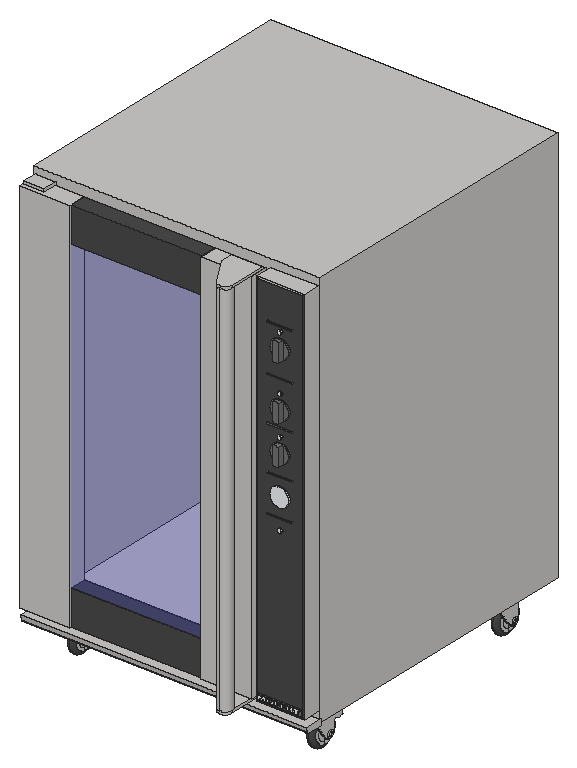
Revit family
Parameters
  Width = 28 7/8"
  Weight in Pounds = 194
  Watts = 1950 W
  Volts = 120 V
  URL Cutsheet = "www.moffat.com"
  URL = "www.moffat.com"
  Type Mark [instance] = ""
  Status [instance] = ""
  Specification by User [instance] = ""
  Specification by Manufacturer = ""
  Show Logo [instance] = yes
  Show Clearance [instance] = yes
  Serial Number = ""
  Seismic Rating = ""
  SMACNA No = ""
  Revision Code [instance] = ""
  Plumbing Remarks [instance] = ""
  Plumbing Connection Type [instance] = ""
  Phase = 1
  Omniclass Number and Title = ""
  Number of Poles [instance] = 1
  NAFEM Spec ID Number = ""
  Model = "P12M"
  Min Ckt Ampacity = 0 A
  Max Overcurrent Protection = 0 A
  Masterspec = ""
  Manufacturer = "TURBOFAN"
  Item Number [instance] = ""
  Installed By [instance] = ""
  Identify Quantity as Lot [instance] = yes
  Height = 44 1/2"
  HP = ""
  Furnished By [instance] = ""
  Foodservice Equipment Identifier [instance] = yes
  FL Amps = 15.6 A
  Electrical Remarks [instance] = ""
  Electric Connection Type [instance] = ""
  Elec Conn RI Height [instance] = 0"
  Elec Conn Connection Height [instance] = 0"
  Description = "FULL SIZE SHEET PAN - MANUAL ELECTRIC PROOFER AND HOLDING CABINET"
  Depth = 31 7/8"
  Cycle = if(Code = 0, (if([60 Hertz Option], 60 Hz, 50 Hz)), 60 Hz)  # 60 Hz
  Conn Plug = "NEMA 5-20P"
  Conn Conduit = yes
  Cold Water Temperature Recommended [instance] = -459.67 °F
  Cold Water Size = 3/4"
  Cold Water RI Height [instance] = 0"
  Cold Water Minimum Pressure [instance] = 20.00 psi
  Cold Water Maximum Pressure [instance] = 80.00 psi
  Cold Water Flow [instance] = 0 GPM
  Cold Water Consumption [instance] = ""
  Cold Water Connection Height = 0"
  Code = 0
  CSI MasterFormat = ""
  CSI Master Format = ""
  Apparent Power = if(Phase = 3, Volts * FL Amps * 1.73, Volts * FL Amps)  # 1872 VA
  60 Hertz Option = yes
  50 Hertz Option = not([60 Hertz Option])  # no
Reference planes (in)
  plane 1 "BACK": y = 0
  plane 2: z = 0
  plane 3 "LEFT": x = 0
  plane 4 "RIGHT": x = 28.875
  plane 5 "FRONT": y = -31.875
  plane 6 "TOP": z = 44.5
  plane 7 "Center Y": x = 14.4375
  plane 8 "Center X": y = -15.9375
  plane 9 "base": z = 3
  plane 10: z = 3.96803
  plane 11: z = 4.59795
  plane 12 "front 1": y = -29.92126
Forms (in)
  Extrusion 1, solid, material "QF_Finishes_Stainless Steel"
    sketch origin (0, 0, 0) x (1, 0, 0) y (0, 0, 1)
      loop
        line (0, 44.5) -> (0, 4.25) -> (28.875, 4.25) -> (28.875, 44.5) -> (0, 44.5)
      loop
        line (3, 41.5) -> (3, 7.59795) -> (20.48425, 7.59795) -> (20.48425, 41.5) -> (3, 41.5)
    from 0 to 29.92126
  Extrusion 2, solid, material "QF_Finishes_Stainless Steel"
    sketch origin (0, 0, 0) x (1, 0, 0) y (0, 0, 1)
      loop
        line (3, 41.5) -> (3, 7.59795) -> (20.48425, 7.59795) -> (20.48425, 41.5) -> (3, 41.5)
    from 0 to 2
  Extrusion 3, solid, material "QF_Finishes_Stainless Steel"
    sketch origin (0, -29.92126, 0) x (1, 0, 0) y (0, 0, 1)
      loop
        line (0.15748, 43.56055) -> (0.15748, 5.40157) -> (5.11811, 5.40157) -> (5.11811, 43.56055) -> (0.15748, 43.56055)
      loop
        line (18.36614, 43.56055) -> (18.36614, 5.40157) -> (23.48425, 5.40157) -> (23.48425, 43.56055) -> (18.36614, 43.56055)
    from 0.125 to 1.95374
  Extrusion 4, solid, material "QF_Finishes_Stainless Steel"
    sketch origin (0, -29.92126, 0) x (1, 0, 0) y (0, 0, 1)
      loop
        line (24.01575, 43.79677) -> (24.01575, 5.39913) -> (28.875, 5.39913) -> (28.875, 43.79677) -> (24.01575, 43.79677)
    from 0.125 to 1.95374
  Extrusion 5, solid, material "QF_Finishes_Black"
    sketch origin (0, -29.92126, 0) x (1, 0, 0) y (0, 0, 1)
      loop
        line (5.11811, 43.56055) -> (5.11811, 40.01724) -> (18.36614, 40.01724) -> (18.36614, 43.56055) -> (5.11811, 43.56055)
      loop
        line (5.11811, 5.40157) -> (18.36614, 5.40157) -> (18.36614, 8.94488) -> (5.11811, 8.94488) -> (5.11811, 5.40157)
    from 0.125 to 1.75
  Extrusion 6, solid, material "Glass"
    sketch origin (0, -29.92126, 0) x (1, 0, 0) y (0, 0, 1)
      loop
        line (5.11811, 40.01724) -> (5.11811, 8.94488) -> (18.36614, 8.94488) -> (18.36614, 40.01724) -> (5.11811, 40.01724)
    from 0.125 to 1.75
  Extrusion 7, solid, material "QF_Finishes_Stainless Steel"
    sketch origin (0.15748, -29.92126, 43.56055) x (1, 0, 0) y (0, 1, 0)
      loop
        arc (22.00626, -4.67108) -> (22.78105, -4.98323) -> (23.2874, -4.3189) r 0.68898
        line (23.2874, -4.3189) -> (23.2874, -0.43307) -> (20.17717, -0.43307) -> (20.17717, -1.68743) -> (22.00626, -4.67108)
      loop
        line (0, 0) -> (0, -1.5) -> (2, -1.5) -> (2, 0) -> (0, 0)
    from 0 to 0.25
  Extrusion 8, solid, material "QF_Finishes_Stainless Steel"
    sketch origin (23.48425, -29.92126, 5.40157) x (0, 1, 0) y (1, 0, 0)
      loop
        line (-4.67108, -1.32051) -> (-1.68743, -3.14961) -> (-0.43307, -3.14961) -> (-0.43307, -0.03937) -> (-4.3189, -0.03937)
        arc (-4.3189, -0.03937) -> (-4.98323, -0.54572) -> (-4.67108, -1.32051) r 0.68898
      loop
        line (0, -23.32677) -> (0, -21.32677) -> (-1.5, -21.32677) -> (-1.5, -23.32677) -> (0, -23.32677)
    from 0 to 0.25
  Extrusion 9, solid, material "QF_Finishes_Stainless Steel"
    sketch origin (0.15748, -29.92126, 43.56055) x (0, 1, 0) y (1, 0, 0)
      loop
        circle (-4.3189, 22.59843) r 0.68898
    from 0 to 38.15897
  Extrusion 10, solid, material "QF_Finishes_Black"
    sketch origin (0, -31.875, 0) x (1, 0, 0) y (0, 0, 1)
      loop
        line (24.14075, 43.67177) -> (24.14075, 5.52413) -> (28.75, 5.52413) -> (28.75, 43.67177) -> (24.14075, 43.67177)
    from 0 to 0.0625
  Extrusion 11, solid, material "QF_Finishes_Rubber Black"
    sketch origin (0, -31.9375, 0) x (1, 0, 0) y (0, 0, 1)
      loop
        circle (26.47638, 38.1378) r 0.94488
      loop
        circle (26.47638, 32.62598) r 0.94488
      loop
        circle (26.47638, 28.68898) r 0.94488
      loop
        line (25.19589, 40.27465) -> (25.19589, 40.17888) -> (27.69589, 40.17888) -> (27.69589, 40.27465) -> (25.19589, 40.27465)
      loop
        line (25.19589, 35.52465) -> (25.19589, 35.42888) -> (27.69589, 35.42888) -> (27.69589, 35.52465) -> (25.19589, 35.52465)
      loop
        line (25.19589, 31.08764) -> (25.19589, 30.99187) -> (27.69589, 30.99187) -> (27.69589, 31.08764) -> (25.19589, 31.08764)
      loop
        line (25.19589, 26.65064) -> (25.19589, 26.55486) -> (27.69589, 26.55486) -> (27.69589, 26.65064) -> (25.19589, 26.65064)
      loop
        line (25.19589, 22.90064) -> (25.19589, 22.80486) -> (27.69589, 22.80486) -> (27.69589, 22.90064) -> (25.19589, 22.90064)
    from 0 to 0.125
  Extrusion 12, solid, material "QF_Finishes_White"
    sketch origin (0, -31.9375, 0) x (1, 0, 0) y (0, 0, 1)
      loop
        circle (26.47638, 39.64961) r 0.19685
      loop
        circle (26.47638, 21.70079) r 0.19685
      loop
        circle (26.47638, 24.75197) r 0.94488
      loop
        circle (26.47638, 30.16535) r 0.19685
      loop
        circle (26.47638, 34.10236) r 0.19685
    from 0 to 0.125
  Extrusion 13, solid, material "QF_Finishes_Rubber Black"
    sketch origin (0, -32.0625, 0) x (1, 0, 0) y (0, 0, 1)
      loop
        arc (26.79134, 39.02864) -> (26.47638, 39.08268) -> (26.16142, 39.02864) r 0.94488
        line (26.16142, 39.02864) -> (26.16142, 37.24695)
        arc (26.16142, 37.24695) -> (26.47638, 37.19291) -> (26.79134, 37.24695) r 0.94488
        line (26.79134, 37.24695) -> (26.79134, 39.02864)
      loop
        arc (26.79134, 33.51683) -> (26.47638, 33.57087) -> (26.16142, 33.51683) r 0.94488
        line (26.16142, 33.51683) -> (26.16142, 31.73514)
        arc (26.16142, 31.73514) -> (26.47638, 31.6811) -> (26.79134, 31.73514) r 0.94488
        line (26.79134, 31.73514) -> (26.79134, 33.51683)
      loop
        arc (26.79134, 29.57982) -> (26.47638, 29.63386) -> (26.16142, 29.57982) r 0.94488
        line (26.16142, 29.57982) -> (26.16142, 27.79813)
        arc (26.16142, 27.79813) -> (26.47638, 27.74409) -> (26.79134, 27.79813) r 0.94488
        line (26.79134, 27.79813) -> (26.79134, 29.57982)
    from 0 to 0.5
  Extrusion 14, solid, material "QF_Finishes_Stainless Steel"
    sketch origin (0, 0, 0) x (0, 1, 0) y (0, 0, 1)
      loop
        line (-29.79134, 4.59795) -> (-31.59755, 4.59795) -> (-31.45222, 4.05557)
        arc (-31.45222, 4.05557) -> (-31.41004, 3.99244) -> (-31.33813, 3.96803) r 0.11811
        line (-31.33813, 3.96803) -> (-29.90945, 3.96803)
        arc (-29.90945, 3.96803) -> (-29.82593, 4.00262) -> (-29.79134, 4.08614) r 0.11811
        line (-29.79134, 4.08614) -> (-29.79134, 4.59795)
    from 0 to 28.875
  Extrusion 15, solid, material "QF_Finishes_Stainless Steel"
    sketch origin (0, 0, 0) x (1, 0, 0) y (0, 0, 1)
      loop
        circle (24.84252, 40.76378) r 0.375
      loop
        circle (27.93701, 10.46803) r 0.5
    from 0 to -0.25
  Extrusion 16, solid, material "QF_Finishes_White", visible <- "Show Logo", detail levels medium+fine
    sketch origin (-216.37389, -32, 24.64305) x (0, 0, 1) y (-1, 0, 0)
      loop
        line (-18.8403, -240.70405) -> (-18.8403, -240.82356) -> (-18.71482, -240.82356) -> (-18.8403, -240.94904) -> (-18.8403, -241.1233) -> (-18.70217, -241.23921) -> (-18.86416, -241.25338) -> (-18.86416, -241.50338) -> (-18.4776, -241.50338) -> (-18.4776, -241.25338) -> (-18.61247, -241.14021) -> (-18.61247, -241.09448) -> (-18.4776, -241.00004) -> (-18.4776, -240.70405) -> (-18.8403, -240.70405)
      loop
        line (-18.4776, -241.65997) -> (-18.55758, -241.58) -> (-18.78625, -241.58) -> (-18.86416, -241.65791) -> (-18.86416, -242.19341) -> (-18.80186, -242.25571) -> (-18.55186, -242.25571) -> (-18.4776, -242.18146) -> (-18.4776, -241.65997)
      loop
        circle (-18.66997, -241.91009) r 0.17543
      loop
        line (-18.4776, -242.864) -> (-18.4776, -242.34319) -> (-18.86416, -242.34319) -> (-18.86416, -242.59319) -> (-18.76042, -242.59319) -> (-18.76042, -242.864) -> (-18.66722, -242.864) -> (-18.66722, -242.59319) -> (-18.57129, -242.59319) -> (-18.57129, -242.864) -> (-18.4776, -242.864)
      loop
        line (-18.4776, -243.4643) -> (-18.4776, -242.94349) -> (-18.86416, -242.94349) -> (-18.86416, -243.19349) -> (-18.76042, -243.19349) -> (-18.76042, -243.4643) -> (-18.66722, -243.4643) -> (-18.66722, -243.19349) -> (-18.57129, -243.19349) -> (-18.57129, -243.4643) -> (-18.4776, -243.4643)
      loop
        line (-18.4776, -243.57443) -> (-18.51098, -243.54105) -> (-18.86416, -243.54105) -> (-18.86416, -243.82065) -> (-18.77961, -243.82065) -> (-18.77961, -243.96424) -> (-18.86416, -243.96424) -> (-18.86416, -244.21424) -> (-18.5313, -244.21424) -> (-18.4776, -244.16054) -> (-18.4776, -243.57443)
      loop
        line (-18.65078, -243.82065) -> (-18.65078, -243.96424) -> (-18.60418, -243.96424) -> (-18.57129, -243.93135) -> (-18.57129, -243.85403) -> (-18.60467, -243.82065) -> (-18.65078, -243.82065)
      loop
        line (-18.46045, -244.27159) -> (-18.57129, -244.27159) -> (-18.57129, -244.41961) -> (-18.86416, -244.41961) -> (-18.86416, -244.69372) -> (-18.57129, -244.69372) -> (-18.57129, -244.86093) -> (-18.46045, -244.86093) -> (-18.46045, -244.27159)
    from 0 to 0.0625
  Extrusion 17, solid, material "QF_Finishes_Rubber Black", visible <- "Show Logo", detail levels medium+fine
    sketch origin (-216.43639, -31.9375, 24.64305) x (0, 0, 1) y (-1, 0, 0)
      loop
        line (-18.35157, -240.65725) -> (-18.99829, -240.65725) -> (-18.99829, -245.0744) -> (-18.35157, -245.0744) -> (-18.35157, -240.65725)
    from 0 to 0.0625
  Extrusion 18, solid, material "QF_Finishes_Door Clearance", visible <- "Show Clearance", detail levels coarse
    sketch origin (0, 0, 0) x (1, 0, 0) y (0, 1, 0)
      loop
        line (23.48425, -31.875) -> (0.15748, -31.875) -> (0.15748, -55.20177)
        arc (0.15748, -55.20177) -> (16.652, -48.36952) -> (23.48425, -31.875) r 23.32677
    from 5.39913 to 43.56055
  Extrusion 19, solid, material "QF_Finishes_Clearance", visible <- "Show Clearance", detail levels coarse
    sketch origin (0, 0, 0) x (1, 0, 0) y (0, 1, 0)
      loop
        line (28.875, -31.875) -> (29.875, -31.875) -> (29.875, 0) -> (28.875, 0) -> (28.875, -31.875)
    from 0 to 44.5
Cuts and joins
  joined: Extrusion 1, Extrusion 2
Lines and regions (in)
  symbolic lines
    curve 1: line (0, 0, 0) -> (28.875, 0, 0)
    curve 2: line (0, -29.92126, 0) -> (0, 0, 0)
    curve 3: line (28.875, -29.92126, 0) -> (0, -29.92126, 0)
    curve 4: line (28.875, 0, 0) -> (28.875, -29.92126, 0)
    curve 5: line (24.01575, -31.875, 0) -> (28.875, -31.875, 0)
    curve 6: line (24.01575, -29.92126, 0) -> (24.01575, -31.875, 0)
    curve 7: line (28.875, -31.875, 0) -> (28.875, -29.92126, 0)
    curve 8: line (23.48425, -30.04626, 0) -> (0.15748, -30.04626, 0)
    curve 9: line (23.48425, -31.875, 0) -> (23.48425, -30.04626, 0)
    curve 10: line (23.44488, -30.35433, 0) -> (20.33465, -30.35433, 0)
    curve 11: line (20.33465, -30.35433, 0) -> (20.33465, -31.68933, 0)
    curve 12: line (20.33465, -31.68933, 0) -> (22.16374, -34.59234, 0)
    curve 13: arc (22.16374, -34.59234, 0) -> (22.93853, -34.90449, 0) -> (23.44488, -34.24016, 0) r 0.68898
    curve 14: line (23.44488, -34.24016, 0) -> (23.44488, -30.35433, 0)
    curve 15: line (24.01575, -31.59755, 0) -> (23.48425, -31.59755, 0)
    curve 16: line (23.48425, -31.875, 0) -> (23.44488, -31.875, 0)
    curve 17: line (20.45163, -31.875, 0) -> (0.15748, -31.875, 0)
    curve 18: line (0.15748, -31.875, 0) -> (0.15748, -30.04626, 0)
    curve 19: line (0, -29.92126, 0) -> (0, -31.59755, 0)
    curve 20: line (0, -31.59755, 0) -> (0.15748, -31.59755, 0)
    curve 39: arc (11.375, -15, 0) -> (12, -15.625, 0) -> (12.625, -15, 0) r 0.625
    curve 40: arc (12.625, -15, 0) -> (12, -14.375, 0) -> (11.375, -15, 0) r 0.625
  symbolic lines, style "QF-Door Swings"
    curve 21: arc (0.15748, -55.20177, 0) -> (16.652, -48.36952, 0) -> (23.48425, -31.875, 0) r 23.32677
    curve 22: line (0.15748, -31.875, 0) -> (0.15748, -55.20177, 0)
  symbolic lines, style "SpecialityEquipmentHiddenLines"
    curve 23: line (3.16305, -1.37807, 0) -> (3.81257, -1.75307, 0)
    curve 24: line (1.66305, -3.97615, 0) -> (3.16305, -1.37807, 0)
    curve 25: line (2.31257, -4.35115, 0) -> (1.66305, -3.97615, 0)
    curve 26: line (3.81257, -1.75307, 0) -> (2.31257, -4.35115, 0)
    curve 27: line (26.66305, -1.37807, 0) -> (27.31257, -1.75307, 0)
    curve 28: line (25.16305, -3.97615, 0) -> (26.66305, -1.37807, 0)
    curve 29: line (25.81257, -4.35115, 0) -> (25.16305, -3.97615, 0)
    curve 30: line (27.31257, -1.75307, 0) -> (25.81257, -4.35115, 0)
    curve 31: line (3.16305, -25.37807, 0) -> (3.81257, -25.75307, 0)
    curve 32: line (1.66305, -27.97615, 0) -> (3.16305, -25.37807, 0)
    curve 33: line (2.31257, -28.35115, 0) -> (1.66305, -27.97615, 0)
    curve 34: line (3.81257, -25.75307, 0) -> (2.31257, -28.35115, 0)
    curve 35: line (26.66305, -25.37807, 0) -> (27.31257, -25.75307, 0)
    curve 36: line (25.16305, -27.97615, 0) -> (26.66305, -25.37807, 0)
    curve 37: line (25.81257, -28.35115, 0) -> (25.16305, -27.97615, 0)
    curve 38: line (27.31257, -25.75307, 0) -> (25.81257, -28.35115, 0)
  symbolic lines, style "QF-Clearances", visible <- "Show Clearance", detail levels coarse
    curve 41: line (29.875, -31.875, 0) -> (29.875, 0, 0)
Dimensions and locks (in)
  equal spacing: plane 3 "LEFT", plane 7 "Center Y", plane 4 "RIGHT"
  "Width": plane 3 "LEFT" to plane 4 "RIGHT"
  equal spacing: plane 5 "FRONT", plane 8 "Center X", plane 1 "BACK"
  "Depth": plane 5 "FRONT" to plane 1 "BACK"
  "Height": plane 6 "TOP" to level
  plane 9 "base" to level = 3"
  aligned and locked: level to plane 2
  aligned and locked: Extrusion 1 to plane 12 "front 1"
  aligned and locked: plane 4 "RIGHT" to Extrusion 14
  aligned and locked: Extrusion 9 to Extrusion 8
  aligned and locked: Extrusion 18 to Extrusion 3
Automatic sketch dimensions
  Extrusion 1 sketch curve to plane 3 "LEFT" = 0"
  Extrusion 1 sketch curve to plane 4 "RIGHT" = 0"
  Extrusion 1 sketch curve to plane 6 "TOP" = 0"
  plane 3 "LEFT" to Extrusion 1 sketch curve = 3"
  Extrusion 1 sketch curve to plane 6 "TOP" = 3"
  plane 7 "Center Y" to Extrusion 1 sketch curve = 6.04675"
  Extrusion 1 sketch curve to plane 11 = 3"
  plane 10 to Extrusion 1 sketch curve = 0.28197"
  plane 3 "LEFT" to Extrusion 2 sketch curve = 3"
  Extrusion 2 sketch curve to plane 11 = 3"
  plane 7 "Center Y" to Extrusion 2 sketch curve = 6.04675"
  Extrusion 2 sketch curve to plane 6 "TOP" = 3"
  Extrusion 3 sketch curve to Extrusion 1 = 0.15748"
  Extrusion 1 to Extrusion 3 sketch curve = 2.11811"  (x2)
  Extrusion 3 sketch curve to Extrusion 1 = 0.93945"  (x2)
  Extrusion 3 sketch curve to Extrusion 1 = 3"
  Extrusion 3 sketch curve to Extrusion 1 = 1.15157"  (x2)
  Extrusion 4 sketch curve to Extrusion 1 = 0"
  Extrusion 4 sketch curve to Extrusion 1 = 0.70323"
  Extrusion 4 sketch curve to Extrusion 1 = 3.5315"
  Extrusion 4 sketch curve to Extrusion 1 = 1.14913"
  Extrusion 5 sketch curve to Extrusion 1 = 0.93945"
  Extrusion 1 to Extrusion 5 sketch curve = 2.11811"  (x4)
  Extrusion 1 to Extrusion 5 sketch curve = 1.48276"
  Extrusion 1 to Extrusion 5 sketch curve = 1.34693"
  Extrusion 5 sketch curve to Extrusion 1 = 1.15157"
  Extrusion 1 to Extrusion 6 sketch curve = 2.11811"  (x2)
  Extrusion 1 to Extrusion 6 sketch curve = 1.34693"
  Extrusion 1 to Extrusion 6 sketch curve = 1.48276"
  Extrusion 7 sketch curve to Extrusion 3 = 0"
  Extrusion 3 to Extrusion 7 sketch curve = 0.45374"
  Extrusion 7 sketch curve to Extrusion 3 = 2"
  Extrusion 3 to Extrusion 7 sketch curve = 0.26631"
  Extrusion 3 to Extrusion 7 sketch curve = 15.21654"
  Extrusion 7 sketch curve to Extrusion 7 sketch curve = 1.8291"
  Extrusion 7 sketch curve to Extrusion 7 sketch curve = 0.59216"
  Extrusion 7 sketch curve to Extrusion 7 sketch curve = 0.68898"
  Extrusion 7 sketch curve to Extrusion 3 = 2.36516"
  Extrusion 3 to Extrusion 7 sketch curve = 0.30807"
  Extrusion 7 sketch curve to Extrusion 3 = 1/8"
  Extrusion 3 to Extrusion 8 sketch curve = 1.32051"
  Extrusion 3 to Extrusion 8 sketch curve = 2.71734"
  Extrusion 3 to Extrusion 8 sketch curve = 0.03937"
  Extrusion 8 sketch curve to Extrusion 8 sketch curve = 0.35218"
  Extrusion 8 sketch curve to Extrusion 3 = 0.26631"
  Extrusion 8 sketch curve to Extrusion 3 = 0.45374"
  Extrusion 8 sketch curve to Extrusion 3 = 0.30807"
  Extrusion 3 to Extrusion 8 sketch curve = 1/8"
  Extrusion 8 sketch curve to Extrusion 3 = 1.9685"
  Extrusion 3 to Extrusion 8 sketch curve = 16.20866"
  Extrusion 8 sketch curve to Extrusion 8 sketch curve = 2"
  Extrusion 10 sketch curve to Extrusion 4 = 1/8"  (x4)
  Extrusion 11 sketch curve to Extrusion 10 = 1.05515"  (x5)
  Extrusion 11 sketch curve to Extrusion 10 = 2.27362"  (x2)
  Extrusion 11 sketch curve to Extrusion 11 sketch curve = 1.28048"
  Extrusion 11 sketch curve to Extrusion 10 = 1.05411"  (x5)
  Extrusion 11 sketch curve to Extrusion 10 = 17.28073"
  Extrusion 11 sketch curve to Extrusion 11 sketch curve = 0.09577"  (x5)
  Extrusion 11 sketch curve to Extrusion 11 sketch curve = 3.65423"
  Extrusion 11 sketch curve to Extrusion 11 sketch curve = 2.03834"
  Extrusion 11 sketch curve to Extrusion 11 sketch curve = 2.3029"
  Extrusion 11 sketch curve to Extrusion 11 sketch curve = 1.53834"
  Extrusion 11 sketch curve to Extrusion 11 sketch curve = 2.8029"
  Extrusion 11 sketch curve to Extrusion 11 sketch curve = 2.61314"
  Extrusion 11 sketch curve to Extrusion 11 sketch curve = 2.04108"
  Extrusion 12 sketch curve to Extrusion 10 = 2.27362"  (x5)
  Extrusion 12 sketch curve to Extrusion 10 = 16.17666"
  Extrusion 12 sketch curve to Extrusion 12 sketch curve = 3.05118"
  Extrusion 12 sketch curve to Extrusion 12 sketch curve = 5.41339"
  Extrusion 12 sketch curve to Extrusion 12 sketch curve = 3.93701"
  Extrusion 12 sketch curve to Extrusion 10 = 4.02216"
  Extrusion 13 sketch curve to Extrusion 13 sketch curve = 0.31496"  (x3)
  Extrusion 13 sketch curve to Extrusion 13 sketch curve = 0.62992"  (x3)
  plane 11 to Extrusion 14 sketch curve = 0"
  Extrusion 14 sketch curve to plane 5 "FRONT" = 0.27745"
  plane 10 to Extrusion 14 sketch curve = 0.08754"
  Extrusion 14 sketch curve to plane 5 "FRONT" = 0.42278"
  Extrusion 14 sketch curve to Extrusion 14 sketch curve = 0.11409"
  plane 10 to Extrusion 14 sketch curve = 0"
  plane 12 "front 1" to Extrusion 14 sketch curve = 0.01181"
  plane 12 "front 1" to Extrusion 14 sketch curve = 0.12992"
  Extrusion 15 sketch curve to plane 4 "RIGHT" = 4.03248"
  Extrusion 15 sketch curve to plane 4 "RIGHT" = 0.93799"
  Extrusion 15 sketch curve to plane 11 = 5.87008"
  Extrusion 15 sketch curve to plane 6 "TOP" = 3.73622"
  Extrusion 16 sketch curve to Extrusion 17 = 0.13413"  (x7)
  Extrusion 16 sketch curve to Extrusion 17 = 0.15799"
  Extrusion 16 sketch curve to Extrusion 16 sketch curve = 0"  (x4)
  Extrusion 16 sketch curve to Extrusion 16 sketch curve = 0.0623"  (x2)
  Extrusion 16 sketch curve to Extrusion 16 sketch curve = 0.07791"  (x2)
  Extrusion 16 sketch curve to Extrusion 16 sketch curve = 0.08455"
  Extrusion 16 sketch curve to Extrusion 16 sketch curve = 0.10374"  (x2)
  Extrusion 16 sketch curve to Extrusion 16 sketch curve = 0.12548"  (x2)
  Extrusion 16 sketch curve to Extrusion 16 sketch curve = 0.16199"
  Extrusion 16 sketch curve to Extrusion 16 sketch curve = 0.19419"
  Extrusion 16 sketch curve to Extrusion 16 sketch curve = 0.0932"  (x2)
  Extrusion 16 sketch curve to Extrusion 16 sketch curve = 0.12883"
  Extrusion 16 sketch curve to Extrusion 16 sketch curve = 0.0897"
  Extrusion 16 sketch curve to Extrusion 16 sketch curve = 0.04611"
  Extrusion 16 sketch curve to Extrusion 16 sketch curve = 0.0466"
  Extrusion 16 sketch curve to Extrusion 16 sketch curve = 0.09594"  (x2)
  Extrusion 16 sketch curve to Extrusion 16 sketch curve = 0.03289"  (x2)
  Extrusion 16 sketch curve to Extrusion 17 = 0.21971"  (x2)
  Extrusion 16 sketch curve to Extrusion 17 = 0.20601"
  Extrusion 16 sketch curve to Extrusion 17 = 0.20028"
  Extrusion 16 sketch curve to Extrusion 16 sketch curve = 0.03999"
  Extrusion 16 sketch curve to Extrusion 16 sketch curve = 0.0603"
  Extrusion 16 sketch curve to Extrusion 16 sketch curve = 0.03338"  (x4)
  Extrusion 16 sketch curve to Extrusion 16 sketch curve = 0.07425"  (x2)
  Extrusion 16 sketch curve to Extrusion 16 sketch curve = 0.07998"  (x2)
  Extrusion 16 sketch curve to Extrusion 17 = 0.12603"
  Extrusion 16 sketch curve to Extrusion 17 = 0.10888"
  Extrusion 16 sketch curve to Extrusion 17 = 0.15098"
  Extrusion 16 sketch curve to Extrusion 16 sketch curve = 0.16721"
  Extrusion 16 sketch curve to Extrusion 16 sketch curve = 0.27411"
  Extrusion 16 sketch curve to Extrusion 16 sketch curve = 0.14802"
  Extrusion 16 sketch curve to Extrusion 16 sketch curve = 0.20537"
  Extrusion 16 sketch curve to Extrusion 16 sketch curve = 0.05369"
  Extrusion 16 sketch curve to Extrusion 16 sketch curve = 0.19631"
  Extrusion 16 sketch curve to Extrusion 16 sketch curve = 0.07731"
  Extrusion 16 sketch curve to Extrusion 16 sketch curve = 0.14359"
  Extrusion 16 sketch curve to Extrusion 16 sketch curve = 0.24622"
  Extrusion 16 sketch curve to Extrusion 16 sketch curve = 0.07675"  (x2)
  Extrusion 16 sketch curve to Extrusion 16 sketch curve = 0.27081"  (x2)
  Extrusion 16 sketch curve to Extrusion 16 sketch curve = 1/4"  (x4)
  Extrusion 16 sketch curve to Extrusion 16 sketch curve = 0.07949"  (x2)
  Extrusion 16 sketch curve to Extrusion 16 sketch curve = 0.08747"
  Extrusion 16 sketch curve to Extrusion 16 sketch curve = 0.27137"
  Extrusion 16 sketch curve to Extrusion 16 sketch curve = 0.25011"
  Extrusion 16 sketch curve to Extrusion 16 sketch curve = 0.25218"
  Extrusion 16 sketch curve to Extrusion 16 sketch curve = 0.07662"
  Extrusion 16 sketch curve to Extrusion 16 sketch curve = 0.01417"
  Extrusion 16 sketch curve to Extrusion 16 sketch curve = 0.09899"
  Extrusion 16 sketch curve to Extrusion 16 sketch curve = 0.13008"
  Extrusion 16 sketch curve to Extrusion 16 sketch curve = 0.04573"
  Extrusion 16 sketch curve to Extrusion 16 sketch curve = 0.09443"
  Extrusion 16 sketch curve to Extrusion 16 sketch curve = 0.17426"
  Extrusion 16 sketch curve to Extrusion 17 = 0.1093"
  Extrusion 17 sketch curve to plane 11 = 1.04681"
  Extrusion 17 sketch curve to Extrusion 17 sketch curve = 0.64672"
  Extrusion 17 sketch curve to plane 4 "RIGHT" = 0.23699"
  Extrusion 17 sketch curve to Extrusion 17 sketch curve = 4.41715"
  plane 5 "FRONT" to Extrusion 18 sketch curve = 0"
  plane 3 "LEFT" to Extrusion 18 sketch curve = 0.15748"
  Extrusion 18 sketch curve to plane 4 "RIGHT" = 5.39075"
  plane 1 "BACK" to Extrusion 19 sketch curve = 0"
  Extrusion 19 sketch curve to plane 4 "RIGHT" = 0"
  plane 5 "FRONT" to Extrusion 19 sketch curve = 0"
  plane 4 "RIGHT" to Extrusion 19 sketch curve = 1"
  plane 1 "BACK" to curve 1 = 0"
  curve 1 to plane 3 "LEFT" = 0"
  plane 5 "FRONT" to curve 18 = 0"
  plane 5 "FRONT" to curve 21 = 0"
  plane 5 "FRONT" to curve 6 = 0"
  curve 6 to plane 12 "front 1" = 0"
  curve 7 to plane 4 "RIGHT" = 0"
  plane 1 "BACK" to curve 41 = 0"
  plane 5 "FRONT" to curve 41 = 0"
  plane 3 "LEFT" to curve 18 = 0.15748"
  plane 3 "LEFT" to curve 32 = 1.66305"
  plane 3 "LEFT" to curve 25 = 1.66305"
  curve 24 to curve 25 = 0.64952"
  curve 32 to curve 34 = 0.64952"
  plane 1 "BACK" to curve 23 = 1.37807"
  curve 24 to curve 23 = 1 1/2"
  curve 32 to curve 32 = 1 1/2"
  plane 8 "Center X" to curve 40 = 15/16"
  curve 40 to plane 7 "Center Y" = 3 1/16"
  curve 39 to curve 39 = 5/8"
  curve 11 to plane 12 "front 1" = 0.43307"
  plane 7 "Center Y" to curve 11 = 5.89715"
  curve 11 to curve 17 = 0.11699"
  curve 17 to curve 12 = 1.71211"
  curve 12 to curve 13 = 0.59216"
  curve 10 to curve 14 = 3.11024"
  curve 16 to curve 9 = 0.03937"
  curve 15 to curve 15 = 0.5315"
  curve 28 to plane 4 "RIGHT" = 3.71195"
  curve 6 to curve 37 = 1.1473"
  plane 12 "front 1" to curve 37 = 1.57011"
  curve 36 to curve 37 = 0.64952"
  curve 28 to curve 30 = 0.64952"
  curve 35 to plane 4 "RIGHT" = 2.21195"
  curve 27 to plane 4 "RIGHT" = 2.21195"
  plane 4 "RIGHT" to curve 41 = 1"
  curve 12 to plane 5 "FRONT" = 0.18567"
  curve 15 to plane 5 "FRONT" = 0.27745"
  curve 20 to plane 5 "FRONT" = 0.27745"
  curve 18 to plane 12 "front 1" = 1/8"
  plane 12 "front 1" to curve 33 = 1.57011"
  curve 37 to curve 36 = 3/8"
  curve 33 to curve 33 = 3/8"
  plane 1 "BACK" to curve 30 = 4.35115"
  curve 26 to curve 23 = 2.97308"
  curve 29 to curve 29 = 3/8"
  radius of Extrusion 9 sketch curve to Extrusion 7 = 0"
  radius of Extrusion 11 sketch curve = 0.94488"  (x3)
  radius of Extrusion 12 sketch curve = 0.19685"  (x4)
  radius of Extrusion 12 sketch curve = 0.94488"
  radius of Extrusion 13 sketch curve to Extrusion 11 = 0"  (x6)
  radius of Extrusion 15 sketch curve = 3/8"
  radius of Extrusion 15 sketch curve = 1/2"
  radius of Extrusion 16 sketch curve = 0.17543"
Nested families (in)
  nested 1: "Turbofan 3" Casters" at (26.55071, -27.66379, 0), type "Turbofan 3" Casters"
    with Type Mark "", Status "", Specification by User "", Revision Code "", Rear Caster no, Item Number "", Installed By "", Identify Quantity as Lot yes, Furnished By "", Front Caster yes, Foodservice Equipment Identifier yes
  nested 2: "Turbofan 3" Casters" at (26.55071, -4.41379, 0), type "Turbofan 3" Casters"
    with Type Mark "", Status "", Specification by User "", Revision Code "", Rear Caster yes, Item Number "", Installed By "", Identify Quantity as Lot yes, Furnished By "", Front Caster no, Foodservice Equipment Identifier yes
  nested 3: "Turbofan 3" Casters" at (2.38189, -27.66379, 0), type "Turbofan 3" Casters"
    with Type Mark "", Status "", Specification by User "", Revision Code "", Rear Caster no, Item Number "", Installed By "", Identify Quantity as Lot yes, Furnished By "", Front Caster yes, Foodservice Equipment Identifier yes
  nested 4: "Turbofan 3" Casters" at (2.38189, -4.41379, 0), type "Turbofan 3" Casters"
    with Type Mark "", Status "", Specification by User "", Revision Code "", Rear Caster yes, Item Number "", Installed By "", Identify Quantity as Lot yes, Furnished By "", Front Caster no, Foodservice Equipment Identifier yes
Connectors (in)
  piping at (24.84252, 0.25, 40.76378)
    settings: on Extrusion 15, index 1, connector radius 3/8", flow factor 0, pipe flow 0 GPM, pressure drop 0.00 psi, fitting loss kfactor 0, connector angle 0.00°, fixture units 0, flow configuration 1, flow direction 1, fitting loss method 0, system type 20, connector reference index -1, connector utility 0, adjustable connector no, is connector primary yes, fitting loss table "", connector description "Cold Water Inlet"
  electrical at (27.93701, 0.25, 10.46803), driven by "Volts", driven by "Watts"
    settings: on Extrusion 15, index 2, voltage 120 V, apparent load 1950 VA, apparent load phase1 0 VA, apparent load phase2 0 VA, apparent load phase3 0 VA, power factor 1, load classification "Other", number of poles 1, system type 30, power factor state 1, is connector primary yes, connector utility no, sub classification motor no, connector description "Electrical Connection"
Definition of nested family "Turbofan 3" Casters"
  Parameters (values of type "Turbofan 3" Casters")
    Weight = "N/A"
    URL Manufacturer = "www.hatcocorp.com"
    URL Cutsheet = "www.hatcocorp.com"
    URL = "www.hatcocorp.com"
    Type Mark [instance] = ""
    Status [instance] = ""
    Specification by User [instance] = ""
    Specification by Manufacturer = ""
    Serial Number = ""
    Seismic Rating = ""
    SMACNA No = ""
    Revision Code [instance] = ""
    Omniclass Number and Title = ""
    NAFEM Spec ID Number = ""
    Model = "HDW-CASTER -3"
    MasterSpec. = ""
    Manufacturer = "Hatco Corporation"
    Item Number [instance] = ""
    Installed By [instance] = ""
    Identify Quantity as Lot [instance] = yes
    Furnished By [instance] = ""
    Front Caster [instance] = yes
    Foodservice Equipment Identifier [instance] = yes
    Description = "Caster"
    CSI MasterFormat = ""
    CSI Master Format = ""
    Rear Caster [instance] = yes
    Assembly Code = ""
  Reference planes (in)
    plane 1 "BACK": y = 0
    plane 2: z = 0
    plane 3 "LEFT": x = 0
    plane 4 "RIGHT": x = 0
    plane 5 "FRONT": y = 0
    plane 6 "TOP": z = 4.25
  Forms (in)
    Revolve 1, solid, material "QF_Finishes_Stainless Steel"
      sketch origin (-1.93794, 0.71343, -1) x (1, 0, 0) y (0, 0, 1)
        loop
          line (0.83474, 2.5041) -> (3.04026, 2.5041) -> (3.04026, 2.6421) -> (2.99026, 2.6921) -> (2.93026, 2.6921) -> (2.93026, 2.8278) -> (2.38863, 2.8278) -> (2.30356, 3.35343) -> (2.34331, 3.35343) -> (2.34331, 3.60343) -> (2.31206, 3.60343)
          arc (2.31206, 3.60343) -> (2.21203, 3.88503) -> (1.93794, 4.0041) r 0.375
          arc (1.93794, 4.0041) -> (1.66385, 3.88503) -> (1.56382, 3.60343) r 0.375
          line (1.56382, 3.60343) -> (1.53169, 3.60343) -> (1.53169, 3.35343) -> (1.57144, 3.35343) -> (1.48637, 2.8278) -> (0.94474, 2.8278) -> (0.94474, 2.6921) -> (0.88474, 2.6921) -> (0.83474, 2.6421) -> (0.83474, 2.5041)
        axis (0.83474, 2.5041) -> (3.04026, 2.5041)
      angle from 0 to 360
    Revolve 2, solid, material "QF_Finishes_Stainless Steel"
      sketch origin (0, 2.21793, -2) x (0, 1, 0) y (0, 0, 1)
        loop
          line (-2.21793, 6.25) -> (-2.21793, 5.55584) -> (-1.18693, 5.55584) -> (-1.18693, 5.75)
          arc (-1.18693, 5.75) -> (-1.26016, 5.92678) -> (-1.43693, 6) r 0.25
          line (-1.43693, 6) -> (-1.52174, 6) -> (-1.52174, 6.1189) -> (-1.77174, 6.1189) -> (-1.77174, 6.25) -> (-2.21793, 6.25)
        axis (-2.21793, 5.55584) -> (-2.21793, 6.25)
      angle from 0 to 360
    Extrusion 3, solid, material "QF_Finishes_Stainless Steel"
      sketch origin (-1.68794, 2.21793, -1.5) x (0, 1, 0) y (0, 0, 1)
        loop
          line (-3.37793, 5.05584) -> (-3.37793, 4.77411) -> (-2.39007, 3.25294) -> (-1.8529, 2.71576)
          arc (-1.8529, 2.71576) -> (-1.29997, 2.61078) -> (-0.99965, 3.08676) r 0.5
          line (-0.99965, 3.08676) -> (-1.05793, 4.75584) -> (-1.05793, 5.05584) -> (-3.37793, 5.05584)
      from 0.78968 to 0.90247
    Extrusion 4, solid, material "QF_Finishes_Stainless Steel", visible <- "Front Caster"
      sketch origin (0.00594, 2.21793, -1.5) x (0, 1, 0) y (0, 0, 1)
        loop
          line (-3.37793, 5.05584) -> (-3.37793, 4.77411) -> (-2.39007, 3.25294) -> (-1.8529, 2.71576)
          arc (-1.8529, 2.71576) -> (-1.29997, 2.61078) -> (-0.99965, 3.08676) r 0.5
          line (-0.99965, 3.08676) -> (-1.03017, 3.96094)
          arc (-1.03017, 3.96094) -> (-0.98103, 4.07131) -> (-0.8638, 4.10054) r 0.13781
          line (-0.8638, 4.10054) -> (-0.44088, 4.01065)
          arc (-0.44088, 4.01065) -> (0.01211, 4.28283) -> (-0.22781, 4.75371) r 0.38745
          line (-0.22781, 4.75371) -> (-1.05793, 5.05584) -> (-3.37793, 5.05584)
      from 0.78968 to 0.90247
    Extrusion 5, solid, material "QF_Finishes_Black"
      sketch origin (-1.93794, 2.21793, -2) x (0, 1, 0) y (0, 0, 1)
        loop
          line (-3.37793, 5.55584) -> (-3.37793, 5.25584) -> (-3.23369, 5.25584) -> (-1.05793, 4.9942) -> (-1.05793, 5.55584) -> (-3.37793, 5.55584)
      from 1.15247 to 2.73356
    Extrusion 6, solid, material "QF_Finishes_Black", visible <- "Front Caster"
      sketch origin (-1.93794, 2.21793, -2) x (0, 1, 0) y (0, 0, 1)
        loop
          line (-0.2485, 5.80434) -> (-0.4427, 5.80434) -> (-0.61041, 5.52523) -> (-0.65032, 5.19334) -> (-0.46088, 4.69461) -> (-0.04592, 4.44527) -> (0.28109, 4.47735) -> (-0.09202, 4.79043) -> (-0.29522, 5.41581) -> (-0.2485, 5.80434)
      from 1.15247 to 2.73356
    Extrusion 7, solid, material "QF_Finishes_Stainless Steel", visible <- "Rear Caster"
      sketch origin (0.00594, 2.21793, -1.5) x (0, 1, 0) y (0, 0, 1)
        loop
          line (-3.37793, 5.05584) -> (-3.37793, 4.77411) -> (-2.39007, 3.25294) -> (-1.8529, 2.71576)
          arc (-1.8529, 2.71576) -> (-1.29997, 2.61078) -> (-0.99965, 3.08676) r 0.5
          line (-0.99965, 3.08676) -> (-1.05793, 4.75584) -> (-1.05793, 5.05584) -> (-3.37793, 5.05584)
      from 0.78968 to 0.90247
    Extrusion 8, solid, material "QF_Finishes_Stainless Steel", visible <- "Front Caster"
      sketch origin (-1.68794, 2.21793, -1.5) x (0, 1, 0) y (0, 0, 1)
        loop
          line (-3.37793, 5.05584) -> (-3.37793, 4.77411) -> (-2.39007, 3.25294) -> (-1.8529, 2.71576)
          arc (-1.8529, 2.71576) -> (-1.29997, 2.61078) -> (-0.99965, 3.08676) r 0.5
          line (-0.99965, 3.08676) -> (-1.03017, 3.96094)
          arc (-1.03017, 3.96094) -> (-0.98103, 4.07131) -> (-0.8638, 4.10054) r 0.13781
          line (-0.8638, 4.10054) -> (-0.44088, 4.01065)
          arc (-0.44088, 4.01065) -> (0.01211, 4.28283) -> (-0.22781, 4.75371) r 0.38745
          line (-0.22781, 4.75371) -> (-1.05793, 5.05584) -> (-3.37793, 5.05584)
      from 0.78968 to 0.90247
  Dimensions and locks (in)
    plane 6 "TOP" to level = 4 1/4"
    aligned and locked: level to plane 2
